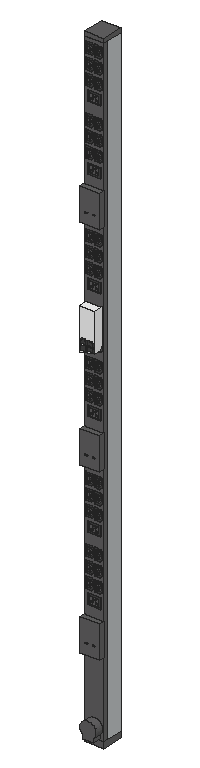
Revit family "PDU medido 0U", category Installations électriques, Revit 2020
Family settings
  Conserver l'orientation des annotations = Non
  Cote de connecteur circulaire = Utiliser le diamètre
  Type d'élément = Normal
  Numéro OmniClass = 23.80.00.00
  Titre OmniClass = Electric Power and Lighting
  Basée sur le plan de construction = Non
  Toujours verticalement = Oui
  Couper avec des vides une fois chargée = Non
  Partagée = Non
  Point de calcul de pièce = Non
Parameters (values of type "PDU MN 0U 3P 32A 36xC13+6xC19")
  Tipo de tensión = "AC"  # constant formula
  Tipo de conexión eléctrica = "CEE 32 A"
  Sección de cable MIN_MAX = "6-6"
  Programación = "Appli Web"  # constant formula
  Profundidad (mm) = 91.4 mm
  Profondeur cuve + capot = 57.5 mm
  Prise_alimentation = Alimentation : Prise rotative
  Position base_node = 942.4 mm
  Número de tomas C19 = 6
  Número de tomas C13 = 36
  Número de pieza Legrand = "LG-646117"
  Número de fases = 3
  Número de disyuntores = 6
  Numero RAL = "9017"  # constant formula
  Marcaje = no
  Longitud = 1710 mm
  IP = "IP40"
  Función = "Unidad DE DISTRIBUTION D'ENERGIE"  # constant formula
  Frecuencia eléctrica = "50-50"  # constant formula
  Formulación BIM = "Linkeo DATA CENTER BASIC PDU"  # constant formula
  Fabricant = "LEGRAND"  # constant formula
  Elévation par défaut = 0 mm
  EAN = "3414972245791"
  E-catalogo enlace = "https://www.legrand.fr/reference/646117/pro"
  Dirección de montaje = "Vertical"  # constant formula
  Description = "PDU HD metered node 0U 3 phase 32A 36+6 C13/C19 locking outlets IEC 60309"
  Corriente de alimentación = "32-32"
  Consumo pasivo = 0 mA
  Conectable con internet box = yes
  Color = "Negro"  # constant formula
  Clase de aplicación = "EC002762"  # constant formula
  Base_Node = Base_Node : Node HD
  Anchura (mm) = 52 mm
  646116_646117 = yes
  646114_646115 = no
  646112_646113 = no
  646110_646111 = no
  646108_646109 = no
  646106_646107 = no
  646104_646105 = no
  646102_646103 = no
Reference planes
  plane 1 "Centre (avant/arrière)": y = 0
  plane 2: z = 0
  plane 3 "Centre (gauche/droite)": x = 0
  plane 4: x = -26
  plane 5: x = 26
  plane 6: y = -57.5
  plane 7: z = 1710
  plane 8: y = -47.5
  plane 9: z = 1699
  plane 10: z = 15
  plane 11: z = 942.4
Forms (mm)
  Extrusion 1, solid, material "LEGRAND - Noir 9017"
    sketch origin (0, 0, 0) x (1, 0, 0) y (0, 1, 0)
      loop
        line (-26, 0) -> (-26, -57.5) -> (26, -57.5) -> (26, 0) -> (-26, 0)
    from 0 to 15
  Extrusion 2, solid, material "LEGRAND - Inox"
    sketch origin (0, 0, 0) x (1, 0, 0) y (0, 1, 0)
      loop
        line (-26, 0) -> (-26, -47.5) -> (26, -47.5) -> (26, 0) -> (-26, 0)
    from 15 to 1699
  Extrusion 3, solid, material "LEGRAND - Noir 9017"
    sketch origin (0, 0, 0) x (1, 0, 0) y (0, 1, 0)
      loop
        line (-26, -47.5) -> (-26, -57.5) -> (26, -57.5) -> (26, -47.5) -> (-26, -47.5)
    from 15 to 1699
  Extrusion 4, solid, material "LEGRAND - Noir 9017"
    sketch origin (0, 0, 0) x (1, 0, 0) y (0, 1, 0)
      loop
        line (-26, 0) -> (-26, -57.5) -> (26, -57.5) -> (26, 0) -> (-26, 0)
    from 1699 to 1710
Dimensions and locks
  equal spacing: plane 5, plane 3 "Centre (gauche/droite)", plane 4
  "Anchura (mm)": plane 5 to plane 4
  "Profondeur cuve + capot": plane 6 to plane 1 "Centre (avant/arrière)"
  locked: plane 8 to plane 6 at 10
  locked: plane 7 to plane 9 at 11
  locked: plane 10 to plane 2 at 15
  "Longitud": plane 7 to plane 2
  "Position base_node": plane 11 to plane 2
  aligned and locked: level to plane 2
  aligned and locked: plane 1 "Centre (avant/arrière)" to Extrusion 1 sketch curve
  aligned and locked: Extrusion 1 sketch curve to plane 5
  aligned and locked: plane 4 to Extrusion 1 sketch curve
  aligned and locked: plane 1 "Centre (avant/arrière)" to Extrusion 2 sketch curve
  aligned and locked: Extrusion 2 sketch curve to plane 5
  aligned and locked: plane 8 to Extrusion 2 sketch curve
  aligned and locked: plane 4 to Extrusion 2 sketch curve
  aligned and locked: plane 9 to Extrusion 2
  aligned and locked: plane 4 to Extrusion 3 sketch curve
  aligned and locked: Extrusion 3 sketch curve to plane 5
  aligned and locked: Extrusion 3 sketch curve to plane 8
  aligned and locked: plane 6 to Extrusion 3 sketch curve
  aligned and locked: plane 9 to Extrusion 3
  aligned and locked: plane 6 to Extrusion 1 sketch curve
  aligned and locked: plane 1 "Centre (avant/arrière)" to Extrusion 4 sketch curve
  aligned and locked: Extrusion 4 sketch curve to plane 5
  aligned and locked: plane 6 to Extrusion 4 sketch curve
  aligned and locked: plane 4 to Extrusion 4 sketch curve
  aligned and locked: plane 7 to Extrusion 4
  aligned and locked: Extrusion 4 to plane 9
  aligned and locked: nested 1 to plane 6
  aligned and locked: plane 3 "Centre (gauche/droite)" to nested 1
  aligned and locked: Extrusion 3 to plane 10
  aligned and locked: plane 10 to Extrusion 1
  aligned and locked: Extrusion 1 to plane 2
  aligned and locked: Extrusion 2 to plane 10
  aligned and locked: nested 2 to plane 6
  aligned and locked: plane 3 "Centre (gauche/droite)" to nested 2
  aligned and locked: nested 3 to plane 6
  aligned and locked: plane 3 "Centre (gauche/droite)" to nested 3
  aligned and locked: plane 11 to nested 3
Nested families
  nested 1: "Metered PDU_Prises" at (0, -57.5, 0), type "Metered PDU_Prises", detail levels fine
  nested 2: "Alimentation" at (0, -57.5, 0), type <- "Prise_alimentation", type "Prise rotative"
  nested 3: "Base_Node" at (0, -57.5, 935.753), type <- "Base_Node", type "Node HD"
Connectors
  electrical at (0, -28.75, 0)
    settings: on Extrusion 1, index 1, voltage 0 V, apparent load 0 VA, apparent load phase1 0 VA, apparent load phase2 0 VA, apparent load phase3 0 VA, power factor 1, load classification "Autre", number of poles 1, system type 31, power factor state 1, is connector primary yes, connector utility no, sub classification motor no, connector description ""
Definition of nested family "Metered PDU_Prises"
  Parameters (values of type "Metered PDU_Prises")
    Default Elevation = 0 mm
    646116_646117 = yes
    646114_646115 = no
    646112_646113 = no
    646110_646111 = no
    646108_646109 = no
    646106_646107 = no
    646104_646105 = no
    646102_646103 = no
  Reference planes
    plane 1 "Centre (avant/arrière)": y = 0
    plane 2: z = 0
    plane 3 "Centre (gauche/droite)": x = 0
    plane 4: x = -22.15
    plane 5: x = 22.15
    plane 6: x = 26
    plane 7: x = -26
  Lines and regions (mm)
    model lines, visible <- "646102_646103"
      curve 1: line (-22.15, 0, 999.899) -> (22.139, 0, 999.899)
      curve 2: line (-22.15, 0, 717.851) -> (22.139, 0, 717.851)
      curve 62: line (-22.15, 0, 900.576) -> (22.139, 0, 900.576)
      curve 63: line (-22.15, 0, 801.942) -> (22.139, 0, 801.942)
      curve 64: line (-22.15, 0, 486.781) -> (22.139, 0, 486.781)
      curve 65: line (-22.15, 0, 204.733) -> (22.139, 0, 204.733)
      curve 66: line (-22.15, 0, 586.104) -> (22.139, 0, 586.104)
      curve 67: line (-22.15, 0, 387.458) -> (22.139, 0, 387.458)
      curve 68: line (-22.15, 0, 288.824) -> (22.139, 0, 288.824)
      curve 69: line (-22.15, 0, 70.319) -> (22.139, 0, 70.319)
    model lines, visible <- "646104_646105"
      curve 3: line (-22.148, 0, 1203.535) -> (22.14, 0, 1203.535)
      curve 56: line (-22.148, 0, 223.304) -> (22.14, 0, 223.304)
      curve 57: line (-22.148, 0, 205.177) -> (22.14, 0, 205.177)
      curve 70: line (-22.148, 0, 1104.34) -> (22.14, 0, 1104.34)
      curve 71: line (-22.148, 0, 1038.976) -> (22.14, 0, 1038.976)
      curve 72: line (-22.148, 0, 973.071) -> (22.14, 0, 973.071)
      curve 73: line (-22.15, 0, 889.146) -> (22.139, 0, 889.146)
      curve 74: line (-22.15, 0, 874.109) -> (22.139, 0, 874.109)
      curve 75: line (-22.148, 0, 642.37) -> (22.14, 0, 642.37)
      curve 76: line (-22.148, 0, 543.174) -> (22.14, 0, 543.174)
      curve 77: line (-22.148, 0, 477.811) -> (22.14, 0, 477.811)
      curve 78: line (-22.148, 0, 411.906) -> (22.14, 0, 411.906)
      curve 79: line (-22.15, 0, 327.981) -> (22.139, 0, 327.981)
      curve 80: line (-22.15, 0, 313.525) -> (22.139, 0, 313.525)
      curve 81: line (-22.148, 0, 220.329) -> (22.14, 0, 220.329)
      curve 82: line (-22.148, 0, 70.654) -> (22.14, 0, 70.654)
      curve 115: line (-22.15, 0, 742.609) -> (22.139, 0, 742.609)
    model lines, visible <- "646106_646107"
      curve 4: line (-26, 0, 1326.734) -> (26, 0, 1326.734)
      curve 83: line (-26, 0, 1209.57) -> (26, 0, 1209.57)
      curve 84: line (-26, 0, 1084.307) -> (26, 0, 1084.307)
      curve 85: line (-26, 0, 1084.313) -> (26, 0, 1084.313)
      curve 86: line (-26, 0, 958.245) -> (26, 0, 958.245)
      curve 87: line (-26, 0, 943.24) -> (26, 0, 943.24)
      curve 88: line (-26, 0, 811.875) -> (26, 0, 811.875)
      curve 89: line (-26, 0, 694.133) -> (26, 0, 694.133)
      curve 90: line (-26, 0, 576.969) -> (26, 0, 576.969)
      curve 91: line (-26, 0, 451.706) -> (26, 0, 451.706)
      curve 92: line (-26, 0, 451.712) -> (26, 0, 451.712)
      curve 93: line (-26, 0, 325.644) -> (26, 0, 325.644)
      curve 94: line (-26, 0, 310.377) -> (26, 0, 310.377)
      curve 95: line (-26, 0, 205.008) -> (26, 0, 205.008)
      curve 96: line (-26, 0, 70.533) -> (26, 0, 70.533)
    model lines, visible <- "646108_646109"
      curve 5: line (-26, 0, 1307.778) -> (26, 0, 1307.778)
      curve 6: line (-26, 0, 1190.582) -> (26, 0, 1190.582)
      curve 7: line (-26, 0, 1073.386) -> (26, 0, 1073.386)
      curve 8: line (-26, 0, 948.02) -> (26, 0, 948.02)
      curve 9: line (-26, 0, 684.2) -> (26, 0, 684.2)
      curve 10: line (-26, 0, 567.004) -> (26, 0, 567.004)
      curve 11: line (-26, 0, 449.808) -> (26, 0, 449.808)
      curve 12: line (-26, 0, 324.442) -> (26, 0, 324.442)
      curve 13: line (-26, 0, 801.143) -> (26, 0, 801.143)
      curve 55: line (-26, 0, 309.442) -> (26, 0, 309.442)
      curve 58: line (-26, 0, 203.809) -> (26, 0, 203.809)
      curve 97: line (-26, 0, 69.309) -> (26, 0, 69.309)
      curve 114: line (-26, 0, 933.02) -> (26, 0, 933.02)
    model lines, visible <- "646112_646113"
      curve 14: line (-26, 0, 1635.71) -> (26, 0, 1635.71)
      curve 15: line (-26, 0, 1551.713) -> (26, 0, 1551.713)
      curve 16: line (-26, 0, 1536.716) -> (26, 0, 1536.716)
      curve 17: line (-26, 0, 1458.531) -> (26, 0, 1458.531)
      curve 18: line (-26, 0, 1374.534) -> (26, 0, 1374.534)
      curve 19: line (-26, 0, 1254.195) -> (26, 0, 1254.195)
      curve 20: line (-26, 0, 1176.636) -> (26, 0, 1176.636)
      curve 21: line (-26, 0, 1092.639) -> (26, 0, 1092.639)
      curve 22: line (-26, 0, 946.522) -> (26, 0, 946.522)
      curve 23: line (-26, 0, 868.338) -> (26, 0, 868.338)
      curve 24: line (-26, 0, 784.34) -> (26, 0, 784.34)
      curve 25: line (-26, 0, 1359.537) -> (26, 0, 1359.537)
      curve 26: line (-26, 0, 1077.641) -> (26, 0, 1077.641)
      curve 27: line (-26, 0, 664.358) -> (26, 0, 664.358)
      curve 28: line (-26, 0, 586.174) -> (26, 0, 586.174)
      curve 29: line (-26, 0, 502.177) -> (26, 0, 502.177)
      curve 30: line (-26, 0, 487.179) -> (26, 0, 487.179)
      curve 31: line (-26, 0, 408.995) -> (26, 0, 408.995)
      curve 32: line (-26, 0, 324.998) -> (26, 0, 324.998)
      curve 33: line (-26, 0, 310.001) -> (26, 0, 310.001)
      curve 34: line (-26, 0, 769.343) -> (26, 0, 769.343)
      curve 59: line (-26, 0, 204.368) -> (26, 0, 204.368)
      curve 98: line (-26, 0, 69.868) -> (26, 0, 69.868)
    model lines, visible <- "646116_646117"
      curve 35: line (-26, 0, 1578.322) -> (26, 0, 1578.322)
      curve 36: line (-26, 0, 1536.806) -> (26, 0, 1536.806)
      curve 37: line (-26, 0, 1521.806) -> (26, 0, 1521.806)
      curve 38: line (-26, 0, 1404.215) -> (26, 0, 1404.215)
      curve 39: line (-26, 0, 1362.699) -> (26, 0, 1362.699)
      curve 40: line (-26, 0, 1243.369) -> (26, 0, 1243.369)
      curve 41: line (-26, 0, 1125.778) -> (26, 0, 1125.778)
      curve 42: line (-26, 0, 1084.262) -> (26, 0, 1084.262)
      curve 43: line (-26, 0, 1069.262) -> (26, 0, 1069.262)
      curve 44: line (-26, 0, 937.429) -> (26, 0, 937.429)
      curve 45: line (-26, 0, 819.837) -> (26, 0, 819.837)
      curve 46: line (-26, 0, 778.321) -> (26, 0, 778.321)
      curve 47: line (-26, 0, 658.427) -> (26, 0, 658.427)
      curve 48: line (-26, 0, 540.836) -> (26, 0, 540.836)
      curve 49: line (-26, 0, 499.32) -> (26, 0, 499.32)
      curve 50: line (-26, 0, 484.32) -> (26, 0, 484.32)
      curve 51: line (-26, 0, 366.728) -> (26, 0, 366.728)
      curve 52: line (-26, 0, 325.212) -> (26, 0, 325.212)
      curve 53: line (-26, 0, 310.212) -> (26, 0, 310.212)
      curve 54: line (-26, 0, 205.212) -> (26, 0, 205.212)
      curve 60: line (-26, 0, 763.321) -> (26, 0, 763.321)
      curve 61: line (-26, 0, 1347.699) -> (26, 0, 1347.699)
      curve 99: line (-26, 0, 70.712) -> (26, 0, 70.712)
    model lines, visible <- "646110_646111"
      curve 100: line (-26, 0, 1219.058) -> (26, 0, 1219.058)
      curve 101: line (-26, 0, 1102.104) -> (26, 0, 1102.104)
      curve 102: line (-26, 0, 1018.043) -> (26, 0, 1018.043)
      curve 103: line (-26, 0, 1003.082) -> (26, 0, 1003.082)
      curve 104: line (-26, 0, 871.014) -> (26, 0, 871.014)
      curve 105: line (-26, 0, 754.059) -> (26, 0, 754.059)
      curve 106: line (-26, 0, 637.105) -> (26, 0, 637.105)
      curve 107: line (-26, 0, 553.044) -> (26, 0, 553.044)
      curve 108: line (-26, 0, 538.284) -> (26, 0, 538.284)
      curve 109: line (-26, 0, 421.33) -> (26, 0, 421.33)
      curve 110: line (-26, 0, 304.376) -> (26, 0, 304.376)
      curve 111: line (-26, 0, 220.315) -> (26, 0, 220.315)
      curve 112: line (-26, 0, 205.555) -> (26, 0, 205.555)
      curve 113: line (-26, 0, 71.055) -> (26, 0, 71.055)
    model lines, visible <- "646114_646115"
      curve 116: line (26, 0, 1831.221) -> (-26, 0, 1831.221)
      curve 117: line (26, 0, 1747.283) -> (-26, 0, 1747.283)
      curve 118: line (26, 0, 1732.462) -> (-26, 0, 1732.462)
      curve 119: line (26, 0, 1615.134) -> (-26, 0, 1615.134)
      curve 120: line (26, 0, 1531.195) -> (-26, 0, 1531.195)
      curve 121: line (26, 0, 1516.374) -> (-26, 0, 1516.374)
      curve 122: line (26, 0, 1411.59) -> (-26, 0, 1411.59)
      curve 123: line (26, 0, 1294.262) -> (-26, 0, 1294.262)
      curve 124: line (26, 0, 1210.323) -> (-26, 0, 1210.323)
      curve 125: line (26, 0, 1195.502) -> (-26, 0, 1195.502)
      curve 126: line (26, 0, 1063.607) -> (-26, 0, 1063.607)
      curve 127: line (26, 0, 946.279) -> (-26, 0, 946.279)
      curve 128: line (26, 0, 862.34) -> (-26, 0, 862.34)
      curve 129: line (26, 0, 847.52) -> (-26, 0, 847.52)
      curve 130: line (26, 0, 742.736) -> (-26, 0, 742.736)
      curve 131: line (26, 0, 625.408) -> (-26, 0, 625.408)
      curve 132: line (26, 0, 541.469) -> (-26, 0, 541.469)
      curve 133: line (26, 0, 526.648) -> (-26, 0, 526.648)
      curve 134: line (26, 0, 409.32) -> (-26, 0, 409.32)
      curve 135: line (26, 0, 325.381) -> (-26, 0, 325.381)
      curve 136: line (26, 0, 310.56) -> (-26, 0, 310.56)
      curve 137: line (26, 0, 205.464) -> (-26, 0, 205.464)
      curve 138: line (26, 0, 70.964) -> (-26, 0, 70.964)
  Dimensions and locks
    equal spacing: plane 5, plane 3 "Centre (gauche/droite)", plane 4
    locked: plane 5 to plane 4 at 44.3
    equal spacing: plane 6, plane 3 "Centre (gauche/droite)", plane 7
    plane 7 to plane 6 = 52 mm
    aligned and locked: level to plane 2
  Automatic sketch dimensions
    plane 7 to curve 138 = 0 mm
    plane 7 to curve 137 = 0 mm
    plane 7 to curve 60 = 0 mm
    plane 7 to curve 136 = 0 mm
    plane 7 to curve 135 = 0 mm
    plane 7 to curve 134 = 0 mm
    plane 7 to curve 4 = 0 mm
    plane 7 to curve 133 = 0 mm
    plane 7 to curve 5 = 0 mm
    plane 7 to curve 132 = 0 mm
    plane 7 to curve 6 = 0 mm
    plane 7 to curve 131 = 0 mm
    plane 7 to curve 7 = 0 mm
    plane 7 to curve 130 = 0 mm
    plane 7 to curve 8 = 0 mm
    plane 7 to curve 129 = 0 mm
    plane 7 to curve 9 = 0 mm
    plane 7 to curve 128 = 0 mm
    plane 7 to curve 10 = 0 mm
    plane 7 to curve 127 = 0 mm
    plane 7 to curve 11 = 0 mm
    plane 7 to curve 126 = 0 mm
    plane 7 to curve 12 = 0 mm
    plane 7 to curve 125 = 0 mm
    plane 7 to curve 13 = 0 mm
    plane 7 to curve 124 = 0 mm
    plane 7 to curve 14 = 0 mm
    plane 7 to curve 123 = 0 mm
    plane 7 to curve 15 = 0 mm
    plane 7 to curve 122 = 0 mm
    plane 7 to curve 16 = 0 mm
    plane 7 to curve 121 = 0 mm
    plane 7 to curve 17 = 0 mm
    plane 7 to curve 120 = 0 mm
    plane 7 to curve 18 = 0 mm
    plane 7 to curve 119 = 0 mm
    plane 7 to curve 19 = 0 mm
    plane 7 to curve 118 = 0 mm
    plane 7 to curve 20 = 0 mm
    plane 7 to curve 117 = 0 mm
    plane 7 to curve 21 = 0 mm
    plane 7 to curve 116 = 0 mm
    plane 7 to curve 22 = 0 mm
    plane 7 to curve 59 = 0 mm
    plane 7 to curve 23 = 0 mm
    plane 7 to curve 114 = 0 mm
    plane 7 to curve 24 = 0 mm
    plane 7 to curve 113 = 0 mm
    plane 7 to curve 25 = 0 mm
    plane 7 to curve 112 = 0 mm
    plane 7 to curve 26 = 0 mm
    plane 7 to curve 111 = 0 mm
    plane 7 to curve 27 = 0 mm
    plane 7 to curve 110 = 0 mm
    plane 7 to curve 28 = 0 mm
    plane 7 to curve 109 = 0 mm
    plane 7 to curve 29 = 0 mm
    plane 7 to curve 108 = 0 mm
    plane 7 to curve 30 = 0 mm
    plane 7 to curve 107 = 0 mm
    plane 7 to curve 31 = 0 mm
    plane 7 to curve 106 = 0 mm
    plane 7 to curve 32 = 0 mm
    plane 7 to curve 105 = 0 mm
    plane 7 to curve 33 = 0 mm
    plane 7 to curve 104 = 0 mm
    plane 7 to curve 34 = 0 mm
    plane 7 to curve 103 = 0 mm
    plane 7 to curve 102 = 0 mm
    plane 7 to curve 35 = 0 mm
    plane 7 to curve 101 = 0 mm
    plane 7 to curve 36 = 0 mm
    plane 7 to curve 100 = 0 mm
    plane 7 to curve 37 = 0 mm
    plane 7 to curve 99 = 0 mm
    plane 7 to curve 38 = 0 mm
    plane 7 to curve 98 = 0 mm
    plane 7 to curve 39 = 0 mm
    plane 7 to curve 97 = 0 mm
    plane 7 to curve 40 = 0 mm
    plane 7 to curve 96 = 0 mm
    plane 7 to curve 41 = 0 mm
    plane 7 to curve 95 = 0 mm
    plane 7 to curve 42 = 0 mm
    plane 7 to curve 94 = 0 mm
    plane 7 to curve 43 = 0 mm
    plane 7 to curve 93 = 0 mm
    plane 7 to curve 44 = 0 mm
    plane 7 to curve 92 = 0 mm
    plane 7 to curve 45 = 0 mm
    plane 7 to curve 91 = 0 mm
    plane 7 to curve 46 = 0 mm
    plane 7 to curve 90 = 0 mm
    plane 7 to curve 47 = 0 mm
    plane 7 to curve 89 = 0 mm
    plane 7 to curve 48 = 0 mm
    plane 7 to curve 88 = 0 mm
    plane 7 to curve 49 = 0 mm
    plane 7 to curve 87 = 0 mm
    plane 7 to curve 50 = 0 mm
    plane 7 to curve 86 = 0 mm
    plane 7 to curve 51 = 0 mm
    plane 7 to curve 85 = 0 mm
    plane 7 to curve 52 = 0 mm
    plane 7 to curve 84 = 0 mm
    plane 7 to curve 53 = 0 mm
    plane 7 to curve 83 = 0 mm
    plane 7 to curve 54 = 0 mm
    plane 7 to curve 58 = 0 mm
    plane 7 to curve 55 = 0 mm
    plane 7 to curve 61 = 0 mm
    curve 74 to plane 4 = 0 mm
    curve 73 to plane 4 = 0 mm
    curve 1 to plane 4 = 0 mm
    curve 69 to plane 4 = 0 mm
    curve 80 to plane 4 = 0 mm
    curve 68 to plane 4 = 0 mm
    curve 115 to plane 4 = 0 mm
    curve 67 to plane 4 = 0 mm
    curve 2 to plane 4 = 0 mm
    curve 66 to plane 4 = 0 mm
    curve 79 to plane 4 = 0 mm
    curve 65 to plane 4 = 0 mm
    curve 62 to plane 4 = 0 mm
    curve 64 to plane 4 = 0 mm
    curve 63 to plane 4 = 0 mm
    curve 53 to plane 6 = 0 mm
    curve 83 to plane 6 = 0 mm
    curve 52 to plane 6 = 0 mm
    curve 84 to plane 6 = 0 mm
    curve 51 to plane 6 = 0 mm
    curve 85 to plane 6 = 0 mm
    curve 50 to plane 6 = 0 mm
    curve 86 to plane 6 = 0 mm
    curve 49 to plane 6 = 0 mm
    curve 87 to plane 6 = 0 mm
    curve 48 to plane 6 = 0 mm
    curve 88 to plane 6 = 0 mm
    curve 47 to plane 6 = 0 mm
    curve 89 to plane 6 = 0 mm
    curve 46 to plane 6 = 0 mm
    curve 90 to plane 6 = 0 mm
    curve 45 to plane 6 = 0 mm
    curve 91 to plane 6 = 0 mm
    curve 44 to plane 6 = 0 mm
    curve 92 to plane 6 = 0 mm
    curve 43 to plane 6 = 0 mm
    curve 93 to plane 6 = 0 mm
    curve 42 to plane 6 = 0 mm
    curve 94 to plane 6 = 0 mm
    curve 41 to plane 6 = 0 mm
    curve 95 to plane 6 = 0 mm
    curve 40 to plane 6 = 0 mm
    curve 96 to plane 6 = 0 mm
    curve 39 to plane 6 = 0 mm
    curve 97 to plane 6 = 0 mm
    curve 38 to plane 6 = 0 mm
    curve 98 to plane 6 = 0 mm
    curve 37 to plane 6 = 0 mm
    curve 99 to plane 6 = 0 mm
    curve 36 to plane 6 = 0 mm
    curve 100 to plane 6 = 0 mm
    curve 54 to plane 6 = 0 mm
    curve 101 to plane 6 = 0 mm
    curve 102 to plane 6 = 0 mm
    curve 34 to plane 6 = 0 mm
    curve 103 to plane 6 = 0 mm
    curve 33 to plane 6 = 0 mm
    curve 104 to plane 6 = 0 mm
    curve 32 to plane 6 = 0 mm
    curve 105 to plane 6 = 0 mm
    curve 55 to plane 6 = 0 mm
    curve 106 to plane 6 = 0 mm
    curve 30 to plane 6 = 0 mm
    curve 107 to plane 6 = 0 mm
    curve 29 to plane 6 = 0 mm
    curve 108 to plane 6 = 0 mm
    curve 28 to plane 6 = 0 mm
    curve 109 to plane 6 = 0 mm
    curve 27 to plane 6 = 0 mm
    curve 110 to plane 6 = 0 mm
    curve 26 to plane 6 = 0 mm
    curve 111 to plane 6 = 0 mm
    curve 25 to plane 6 = 0 mm
    curve 112 to plane 6 = 0 mm
    curve 24 to plane 6 = 0 mm
    curve 113 to plane 6 = 0 mm
    curve 23 to plane 6 = 0 mm
    curve 114 to plane 6 = 0 mm
    curve 22 to plane 6 = 0 mm
    curve 58 to plane 6 = 0 mm
    curve 116 to plane 6 = 0 mm
    curve 21 to plane 6 = 0 mm
    curve 117 to plane 6 = 0 mm
    curve 20 to plane 6 = 0 mm
    curve 118 to plane 6 = 0 mm
    curve 19 to plane 6 = 0 mm
    curve 119 to plane 6 = 0 mm
    curve 18 to plane 6 = 0 mm
    curve 120 to plane 6 = 0 mm
    curve 17 to plane 6 = 0 mm
    curve 121 to plane 6 = 0 mm
    curve 16 to plane 6 = 0 mm
    curve 122 to plane 6 = 0 mm
    curve 15 to plane 6 = 0 mm
    curve 123 to plane 6 = 0 mm
    curve 14 to plane 6 = 0 mm
    curve 124 to plane 6 = 0 mm
    curve 13 to plane 6 = 0 mm
    curve 125 to plane 6 = 0 mm
    curve 12 to plane 6 = 0 mm
    curve 126 to plane 6 = 0 mm
    curve 11 to plane 6 = 0 mm
    curve 127 to plane 6 = 0 mm
    curve 10 to plane 6 = 0 mm
    curve 128 to plane 6 = 0 mm
    curve 9 to plane 6 = 0 mm
    curve 129 to plane 6 = 0 mm
    curve 8 to plane 6 = 0 mm
    curve 130 to plane 6 = 0 mm
    curve 7 to plane 6 = 0 mm
    curve 131 to plane 6 = 0 mm
    curve 6 to plane 6 = 0 mm
    curve 132 to plane 6 = 0 mm
    curve 5 to plane 6 = 0 mm
    curve 133 to plane 6 = 0 mm
    curve 4 to plane 6 = 0 mm
    curve 134 to plane 6 = 0 mm
    curve 31 to plane 6 = 0 mm
    curve 135 to plane 6 = 0 mm
    curve 59 to plane 6 = 0 mm
    curve 136 to plane 6 = 0 mm
    curve 60 to plane 6 = 0 mm
    curve 137 to plane 6 = 0 mm
    curve 61 to plane 6 = 0 mm
    curve 138 to plane 6 = 0 mm
    curve 35 to plane 6 = 0 mm
    level to curve 97 = 69.309 mm
    plane 4 to curve 70 = 0.002 mm
    plane 4 to curve 76 = 0.002 mm
    plane 4 to curve 78 = 0.002 mm
    plane 4 to curve 75 = 0.002 mm
    plane 4 to curve 56 = 0.002 mm
    plane 4 to curve 72 = 0.002 mm
    plane 4 to curve 81 = 0.002 mm
    plane 4 to curve 3 = 0.002 mm
    plane 4 to curve 71 = 0.002 mm
    plane 4 to curve 82 = 0.002 mm
    plane 4 to curve 77 = 0.002 mm
    plane 4 to curve 57 = 0.002 mm
    curve 69 to plane 5 = 0.011 mm
    curve 68 to plane 5 = 0.011 mm
    curve 115 to plane 5 = 0.011 mm
    curve 67 to plane 5 = 0.011 mm
    curve 66 to plane 5 = 0.011 mm
    curve 2 to plane 5 = 0.011 mm
    curve 80 to plane 5 = 0.011 mm
    curve 79 to plane 5 = 0.011 mm
    curve 73 to plane 5 = 0.011 mm
    curve 65 to plane 5 = 0.011 mm
    curve 74 to plane 5 = 0.011 mm
    curve 1 to plane 5 = 0.011 mm
    curve 64 to plane 5 = 0.011 mm
    curve 62 to plane 5 = 0.011 mm
    curve 63 to plane 5 = 0.011 mm
    curve 76 to plane 5 = 0.01 mm
    curve 77 to plane 5 = 0.01 mm
    curve 75 to plane 5 = 0.01 mm
    curve 78 to plane 5 = 0.01 mm
    curve 3 to plane 5 = 0.01 mm
    curve 56 to plane 5 = 0.01 mm
    curve 57 to plane 5 = 0.01 mm
    curve 72 to plane 5 = 0.01 mm
    curve 71 to plane 5 = 0.01 mm
    curve 81 to plane 5 = 0.01 mm
    curve 70 to plane 5 = 0.01 mm
    curve 82 to plane 5 = 0.01 mm
    curve 97 to curve 98 = 0.558 mm
    curve 98 to curve 69 = 0.451 mm
    curve 98 to curve 96 = 0.665 mm
    curve 69 to curve 82 = 0.335 mm
    curve 96 to curve 99 = 0.179 mm
    curve 99 to curve 113 = 0.342 mm
    curve 138 to curve 113 = 0.09 mm
    curve 138 to curve 58 = 132.845 mm
    curve 58 to curve 59 = 0.558 mm
    curve 59 to curve 65 = 0.365 mm
    curve 59 to curve 95 = 0.64 mm
    curve 65 to curve 57 = 0.444 mm
    curve 95 to curve 54 = 0.205 mm
    curve 54 to curve 112 = 0.342 mm
    curve 137 to curve 112 = 0.09 mm
    curve 137 to curve 111 = 14.851 mm
    curve 111 to curve 81 = 0.014 mm
    curve 81 to curve 56 = 2.975 mm
    curve 56 to curve 68 = 65.52 mm
    curve 68 to curve 110 = 15.552 mm
    curve 110 to curve 55 = 5.066 mm
    curve 55 to curve 33 = 0.558 mm
    curve 33 to curve 53 = 0.212 mm
    curve 53 to curve 94 = 0.165 mm
    curve 94 to curve 136 = 0.183 mm
    curve 136 to curve 80 = 2.965 mm
    curve 80 to curve 12 = 10.917 mm
    curve 12 to curve 32 = 0.556 mm
    curve 32 to curve 52 = 0.214 mm
    curve 52 to curve 135 = 0.169 mm
    curve 135 to curve 93 = 0.263 mm
    curve 93 to curve 79 = 2.336 mm
    curve 79 to curve 51 = 38.747 mm
    curve 51 to curve 67 = 20.73 mm
    curve 67 to curve 31 = 21.537 mm
    curve 31 to curve 134 = 0.325 mm
    curve 134 to curve 78 = 2.586 mm
    curve 78 to curve 109 = 9.424 mm
    curve 109 to curve 11 = 28.478 mm
    curve 11 to curve 91 = 1.898 mm
    curve 91 to curve 92 = 0.006 mm
    curve 92 to curve 77 = 26.099 mm
    curve 77 to curve 50 = 6.509 mm
    curve 50 to curve 64 = 2.462 mm
    curve 50 to curve 30 = 2.86 mm
    curve 30 to curve 49 = 12.14 mm
    curve 49 to curve 29 = 2.857 mm
    curve 29 to curve 133 = 24.471 mm
    curve 133 to curve 108 = 11.636 mm
    curve 108 to curve 48 = 2.551 mm
    curve 48 to curve 132 = 0.634 mm
    curve 132 to curve 76 = 1.705 mm
    curve 76 to curve 107 = 9.87 mm
    curve 107 to curve 10 = 13.96 mm
    curve 10 to curve 90 = 9.965 mm
    curve 90 to curve 66 = 9.135 mm
    curve 66 to curve 28 = 0.07 mm
    curve 28 to curve 131 = 39.234 mm
    curve 131 to curve 106 = 11.697 mm
    curve 106 to curve 75 = 5.264 mm
    curve 75 to curve 47 = 16.057 mm
    curve 47 to curve 27 = 5.931 mm
    curve 27 to curve 9 = 19.842 mm
    curve 9 to curve 89 = 9.932 mm
    curve 89 to curve 2 = 23.718 mm
    curve 2 to curve 115 = 24.759 mm
    curve 115 to curve 130 = 0.127 mm
    curve 130 to curve 105 = 11.323 mm
    curve 105 to curve 60 = 9.262 mm
    curve 60 to curve 34 = 6.021 mm
    curve 34 to curve 46 = 8.979 mm
    curve 46 to curve 24 = 6.019 mm
    curve 24 to curve 13 = 16.802 mm
    curve 13 to curve 63 = 0.799 mm
    curve 63 to curve 88 = 9.934 mm
    curve 88 to curve 45 = 7.962 mm
    curve 45 to curve 129 = 27.682 mm
    curve 129 to curve 128 = 14.821 mm
    curve 128 to curve 23 = 5.997 mm
    curve 23 to curve 104 = 2.676 mm
    curve 104 to curve 74 = 3.096 mm
    curve 74 to curve 73 = 15.037 mm
    curve 73 to curve 62 = 11.43 mm
    curve 62 to curve 114 = 32.443 mm
    curve 114 to curve 44 = 4.409 mm
    curve 44 to curve 87 = 5.811 mm
    curve 87 to curve 127 = 3.039 mm
    curve 127 to curve 22 = 0.242 mm
    curve 22 to curve 8 = 1.498 mm
    curve 8 to curve 86 = 10.226 mm
    curve 86 to curve 72 = 14.826 mm
    curve 72 to curve 1 = 26.828 mm
    curve 1 to curve 103 = 3.183 mm
    curve 103 to curve 102 = 14.96 mm
    curve 102 to curve 71 = 20.933 mm
    curve 71 to curve 126 = 24.631 mm
    curve 126 to curve 43 = 5.654 mm
    curve 43 to curve 7 = 4.124 mm
    curve 7 to curve 26 = 4.256 mm
    curve 26 to curve 42 = 6.62 mm
    curve 42 to curve 84 = 0.046 mm
    curve 84 to curve 85 = 0.006 mm
    curve 85 to curve 21 = 8.326 mm
    curve 21 to curve 101 = 9.465 mm
    curve 101 to curve 70 = 2.236 mm
    curve 70 to curve 41 = 21.438 mm
    curve 41 to curve 20 = 50.859 mm
    curve 20 to curve 6 = 13.945 mm
    curve 6 to curve 125 = 4.921 mm
    curve 125 to curve 3 = 8.033 mm
    curve 3 to curve 83 = 6.035 mm
    curve 83 to curve 124 = 0.753 mm
    curve 124 to curve 100 = 8.735 mm
    curve 100 to curve 40 = 24.311 mm
    curve 40 to curve 19 = 10.826 mm
    curve 19 to curve 123 = 40.067 mm
    curve 123 to curve 5 = 13.515 mm
    curve 5 to curve 4 = 18.956 mm
    curve 4 to curve 61 = 20.966 mm
    curve 61 to curve 25 = 11.838 mm
    curve 25 to curve 39 = 3.162 mm
    curve 39 to curve 18 = 11.835 mm
    curve 18 to curve 38 = 29.681 mm
    curve 38 to curve 122 = 7.375 mm
    curve 122 to curve 17 = 46.941 mm
    curve 17 to curve 121 = 57.842 mm
    curve 121 to curve 37 = 5.433 mm
    curve 37 to curve 120 = 9.388 mm
    curve 120 to curve 16 = 5.521 mm
    curve 16 to curve 36 = 0.091 mm
    curve 36 to curve 15 = 14.906 mm
    curve 15 to curve 35 = 26.61 mm
    curve 35 to curve 119 = 36.811 mm
    curve 119 to curve 14 = 20.577 mm
    curve 14 to curve 118 = 96.751 mm
    curve 118 to curve 117 = 14.821 mm
    curve 117 to curve 116 = 83.939 mm
  Nested families
    nested 1: "Prise ronde simple" at (0, 0, 1079.253), visible <- "646102_646103", type "Prise ronde simple"
    nested 2: "Prise ronde double" at (0, 0, 1401.599), visible <- "646108_646109", type "Prise ronde double"
    nested 3: "Prise ronde double" at (0, 0, 1313.013), visible <- "646110_646111", type "Prise ronde double"
    nested 4: "Prise ronde simple" at (0, 0, 1046.926), visible <- "646102_646103", type "Prise ronde simple"
    nested 5: "Prise ronde simple" at (0.002, 0, 1283.288), visible <- "646104_646105", type "Prise ronde simple"
    nested 6: "Prise ronde simple" at (0.002, 0, 1250.336), visible <- "646104_646105", type "Prise ronde simple"
    nested 7: "Prise ronde simple" at (0.002, 0, 1217.383), visible <- "646104_646105", type "Prise ronde simple"
    nested 8: "Prise ronde double" at (0, 0, 1421.655), visible <- "646106_646107", type "Prise ronde double"
    nested 9: "Prise ronde double" at (0, 0, 1382.708), visible <- "646106_646107", type "Prise ronde double"
    nested 10: "Prise ronde double" at (0, 0, 1343.761), visible <- "646106_646107", type "Prise ronde double"
    nested 11: "Prise ronde double" at (0, 0, 1363.419), visible <- "646108_646109", type "Prise ronde double"
    nested 12: "Prise ronde double" at (0, 0, 1325.188), visible <- "646108_646109", type "Prise ronde double"
    nested 13: "Prise ronde double" at (0, 0, 1284.403), visible <- "646108_646109", type "Prise ronde double"
    nested 14: "Prise ronde double" at (0, 0, 1246.223), visible <- "646108_646109", type "Prise ronde double"
    nested 15: "Prise ronde double" at (0, 0, 1207.992), visible <- "646108_646109", type "Prise ronde double"
    nested 16: "Prise ronde double" at (0, 0, 1167.207), visible <- "646108_646109", type "Prise ronde double"
    nested 17: "Prise ronde double" at (0, 0, 1129.027), visible <- "646108_646109", type "Prise ronde double"
    nested 18: "Prise ronde double" at (0, 0, 1090.796), visible <- "646108_646109", type "Prise ronde double"
    nested 19: "Prise rectangulaire" at (0, 0, 1051.426), visible <- "646108_646109", type "Prise rectangulaire"
    nested 20: "Prise rectangulaire" at (0, 0, 1010.176), visible <- "646108_646109", type "Prise rectangulaire"
    nested 21: "Prise rectangulaire" at (0, 0, 968.926), visible <- "646108_646109", type "Prise rectangulaire"
    nested 22: "Prise ronde double" at (0, 0, 778.021), visible <- "646108_646109", type "Prise ronde double"
    nested 23: "Prise ronde double" at (0, 0, 739.842), visible <- "646108_646109", type "Prise ronde double"
    nested 24: "Prise ronde double" at (0, 0, 701.61), visible <- "646108_646109", type "Prise ronde double"
    nested 25: "Prise ronde double" at (0, 0, 660.825), visible <- "646108_646109", type "Prise ronde double"
    nested 26: "Prise ronde double" at (0, 0, 622.646), visible <- "646108_646109", type "Prise ronde double"
    nested 27: "Prise ronde double" at (0, 0, 584.414), visible <- "646108_646109", type "Prise ronde double"
    nested 28: "Prise ronde double" at (0, 0, 543.629), visible <- "646108_646109", type "Prise ronde double"
    nested 29: "Prise ronde double" at (0, 0, 505.45), visible <- "646108_646109", type "Prise ronde double"
    nested 30: "Prise ronde double" at (0, 0, 467.218), visible <- "646108_646109", type "Prise ronde double"
    nested 31: "Prise rectangulaire" at (0, 0, 427.849), visible <- "646108_646109", type "Prise rectangulaire"
    nested 32: "Prise rectangulaire" at (0, 0, 386.599), visible <- "646108_646109", type "Prise rectangulaire"
    nested 33: "Prise rectangulaire" at (0, 0, 345.349), visible <- "646108_646109", type "Prise rectangulaire"
    nested 34: "Prise ronde double" at (0, 0, 1690.683), visible <- "646112_646113", type "Prise ronde double"
    nested 35: "Prise ronde double" at (0, 0, 1651.746), visible <- "646112_646113", type "Prise ronde double"
    nested 36: "Prise rectangulaire" at (0, 0, 1613.745), visible <- "646112_646113", type "Prise rectangulaire"
    nested 37: "Prise rectangulaire" at (0, 0, 1571.87), visible <- "646112_646113", type "Prise rectangulaire"
    nested 38: "Prise ronde double" at (0, 0, 1513.504), visible <- "646112_646113", type "Prise ronde double"
    nested 39: "Prise ronde double" at (0, 0, 1474.567), visible <- "646112_646113", type "Prise ronde double"
    nested 40: "Prise rectangulaire" at (0, 0, 1436.567), visible <- "646112_646113", type "Prise rectangulaire"
    nested 41: "Prise rectangulaire" at (0, 0, 1394.692), visible <- "646112_646113", type "Prise rectangulaire"
    nested 42: "Prise ronde double" at (0, 0, 1231.609), visible <- "646112_646113", type "Prise ronde double"
    nested 43: "Prise ronde double" at (0, 0, 1192.672), visible <- "646112_646113", type "Prise ronde double"
    nested 44: "Prise rectangulaire" at (0, 0, 1154.671), visible <- "646112_646113", type "Prise rectangulaire"
    nested 45: "Prise rectangulaire" at (0, 0, 1112.796), visible <- "646112_646113", type "Prise rectangulaire"
    nested 46: "Prise ronde double" at (0, 0, 923.31), visible <- "646112_646113", type "Prise ronde double"
    nested 47: "Prise ronde double" at (0, 0, 884.373), visible <- "646112_646113", type "Prise ronde double"
    nested 48: "Prise rectangulaire" at (0, 0, 846.373), visible <- "646112_646113", type "Prise rectangulaire"
    nested 49: "Prise rectangulaire" at (0, 0, 804.498), visible <- "646112_646113", type "Prise rectangulaire"
    nested 50: "Prise ronde double" at (0, 0, 641.147), visible <- "646112_646113", type "Prise ronde double"
    nested 51: "Prise ronde double" at (0, 0, 602.21), visible <- "646112_646113", type "Prise ronde double"
    nested 52: "Prise rectangulaire" at (0, 0, 564.209), visible <- "646112_646113", type "Prise rectangulaire"
    nested 53: "Prise rectangulaire" at (0, 0, 522.334), visible <- "646112_646113", type "Prise rectangulaire"
    nested 54: "Prise ronde double" at (0, 0, 463.968), visible <- "646112_646113", type "Prise ronde double"
    nested 55: "Prise ronde double" at (0, 0, 425.031), visible <- "646112_646113", type "Prise ronde double"
    nested 56: "Prise rectangulaire" at (0, 0, 387.031), visible <- "646112_646113", type "Prise rectangulaire"
    nested 57: "Prise rectangulaire" at (0, 0, 345.156), visible <- "646112_646113", type "Prise rectangulaire"
    nested 58: "Prise ronde double" at (0, 0, 1925.334), visible <- "646114_646115", type "Prise ronde double"
    nested 59: "Prise ronde double" at (0, 0, 1672.989), visible <- "646116_646117", type "Prise ronde double"
    nested 60: "Prise ronde double" at (0, 0, 1634.093), visible <- "646116_646117", type "Prise ronde double"
    nested 61: "Prise ronde double" at (0, 0, 1595.196), visible <- "646116_646117", type "Prise ronde double"
    nested 62: "Prise rectangulaire" at (0, 0, 1557.071), visible <- "646116_646117", type "Prise rectangulaire"
    nested 63: "Prise ronde double" at (0, 0, 1498.881), visible <- "646116_646117", type "Prise ronde double"
    nested 64: "Prise ronde double" at (0, 0, 1459.985), visible <- "646116_646117", type "Prise ronde double"
    nested 65: "Prise ronde double" at (0, 0, 1421.089), visible <- "646116_646117", type "Prise ronde double"
    nested 66: "Prise rectangulaire" at (0, 0, 1382.964), visible <- "646116_646117", type "Prise rectangulaire"
    nested 67: "Prise ronde double" at (0, 0, 1220.444), visible <- "646116_646117", type "Prise ronde double"
    nested 68: "Prise ronde double" at (0, 0, 1181.548), visible <- "646116_646117", type "Prise ronde double"
    nested 69: "Prise ronde double" at (0, 0, 1142.651), visible <- "646116_646117", type "Prise ronde double"
    nested 70: "Prise rectangulaire" at (0, 0, 1104.526), visible <- "646116_646117", type "Prise rectangulaire"
    nested 71: "Prise ronde double" at (0, 0, 914.504), visible <- "646116_646117", type "Prise ronde double"
    nested 72: "Prise ronde double" at (0, 0, 875.607), visible <- "646116_646117", type "Prise ronde double"
    nested 73: "Prise ronde double" at (0, 0, 836.711), visible <- "646116_646117", type "Prise ronde double"
    nested 74: "Prise rectangulaire" at (0, 0, 798.586), visible <- "646116_646117", type "Prise rectangulaire"
    nested 75: "Prise ronde double" at (0, 0, 635.502), visible <- "646116_646117", type "Prise ronde double"
    nested 76: "Prise ronde double" at (0, 0, 596.606), visible <- "646116_646117", type "Prise ronde double"
    nested 77: "Prise ronde double" at (0, 0, 557.709), visible <- "646116_646117", type "Prise ronde double"
    nested 78: "Prise rectangulaire" at (0, 0, 519.584), visible <- "646116_646117", type "Prise rectangulaire"
    nested 79: "Prise ronde double" at (0, 0, 461.395), visible <- "646116_646117", type "Prise ronde double"
    nested 80: "Prise ronde double" at (0, 0, 422.498), visible <- "646116_646117", type "Prise ronde double"
    nested 81: "Prise ronde double" at (0, 0, 383.602), visible <- "646116_646117", type "Prise ronde double"
    nested 82: "Prise rectangulaire" at (0, 0, 345.477), visible <- "646116_646117", type "Prise rectangulaire"
    nested 83: "Module A" at (0, 0, 222.588), visible <- "646104_646105", type "Module A"
    nested 84: "Module C" at (0, 0, 218.364), visible <- "646106_646107", type "Module D"
    nested 85: "Module C" at (0, 0, 218.448), visible <- "646108_646109", type "Module D"
    nested 86: "Module C" at (0, 0, 218.747), visible <- "646112_646113", type "Module D"
    nested 87: "Module C" at (0, 0, 678.089), visible <- "646112_646113", type "Module D"
    nested 88: "Module C" at (0, 0, 1268.283), visible <- "646112_646113", type "Module D"
    nested 89: "Module C" at (0, 0, 1424.905), visible <- "646114_646115", type "Module D"
    nested 90: "Module C" at (0, 0, 218.952), visible <- "646116_646117", type "Module D"
    nested 91: "Module C" at (0, 0, 672.061), visible <- "646116_646117", type "Module D"
    nested 92: "Module C" at (0, 0, 1256.439), visible <- "646116_646117", type "Module D"
    nested 93: "Prise ronde simple" at (0, 0, 1013.348), visible <- "646102_646103", type "Prise ronde simple"
    nested 94: "Prise ronde simple" at (0, 0, 979.93), visible <- "646102_646103", type "Prise ronde simple"
    nested 95: "Prise ronde simple" at (0, 0, 947.603), visible <- "646102_646103", type "Prise ronde simple"
    nested 96: "Prise ronde simple" at (0, 0, 914.025), visible <- "646102_646103", type "Prise ronde simple"
    nested 97: "Prise ronde simple" at (0, 0, 881.296), visible <- "646102_646103", type "Prise ronde simple"
    nested 98: "Prise ronde simple" at (0, 0, 848.968), visible <- "646102_646103", type "Prise ronde simple"
    nested 99: "Prise ronde simple" at (0, 0, 815.39), visible <- "646102_646103", type "Prise ronde simple"
    nested 100: "Prise rectangulaire" at (0, 0, 780.287), visible <- "646102_646103", type "Prise rectangulaire"
    nested 101: "Prise rectangulaire" at (0, 0, 737.787), visible <- "646102_646103", type "Prise rectangulaire"
    nested 102: "Prise ronde simple" at (0, 0, 566.135), visible <- "646102_646103", type "Prise ronde simple"
    nested 103: "Prise ronde simple" at (0, 0, 533.808), visible <- "646102_646103", type "Prise ronde simple"
    nested 104: "Prise ronde simple" at (0, 0, 500.23), visible <- "646102_646103", type "Prise ronde simple"
    nested 105: "Prise ronde simple" at (0, 0, 466.812), visible <- "646102_646103", type "Prise ronde simple"
    nested 106: "Prise ronde simple" at (0, 0, 434.485), visible <- "646102_646103", type "Prise ronde simple"
    nested 107: "Prise ronde simple" at (0, 0, 400.907), visible <- "646102_646103", type "Prise ronde simple"
    nested 108: "Prise ronde simple" at (0, 0, 368.178), visible <- "646102_646103", type "Prise ronde simple"
    nested 109: "Prise ronde simple" at (0, 0, 335.85), visible <- "646102_646103", type "Prise ronde simple"
    nested 110: "Prise ronde simple" at (0, 0, 302.273), visible <- "646102_646103", type "Prise ronde simple"
    nested 111: "Prise rectangulaire" at (0, 0, 267.169), visible <- "646102_646103", type "Prise rectangulaire"
    nested 112: "Prise rectangulaire" at (0, 0, 224.669), visible <- "646102_646103", type "Prise rectangulaire"
    nested 113: "Prise ronde simple" at (0.002, 0, 1184.093), visible <- "646104_646105", type "Prise ronde simple"
    nested 114: "Prise ronde simple" at (0.002, 0, 1151.141), visible <- "646104_646105", type "Prise ronde simple"
    nested 115: "Prise ronde simple" at (0.002, 0, 1118.188), visible <- "646104_646105", type "Prise ronde simple"
    nested 116: "Prise ronde simple" at (0.002, 0, 1085.21), visible <- "646104_646105", type "Prise ronde simple"
    nested 117: "Prise ronde simple" at (0.002, 0, 1052.258), visible <- "646104_646105", type "Prise ronde simple"
    nested 118: "Prise ronde simple" at (0.002, 0, 1019.305), visible <- "646104_646105", type "Prise ronde simple"
    nested 119: "Prise ronde simple" at (0.002, 0, 986.353), visible <- "646104_646105", type "Prise ronde simple"
    nested 120: "Prise rectangulaire" at (0, 0, 951.236), visible <- "646104_646105", type "Prise rectangulaire"
    nested 121: "Prise rectangulaire" at (0, 0, 909.436), visible <- "646104_646105", type "Prise rectangulaire"
    nested 122: "Prise ronde simple" at (0.002, 0, 722.123), visible <- "646104_646105", type "Prise ronde simple"
    nested 123: "Prise ronde simple" at (0.002, 0, 689.171), visible <- "646104_646105", type "Prise ronde simple"
    nested 124: "Prise ronde simple" at (0.002, 0, 656.218), visible <- "646104_646105", type "Prise ronde simple"
    nested 125: "Prise ronde simple" at (0.002, 0, 622.928), visible <- "646104_646105", type "Prise ronde simple"
    nested 126: "Prise ronde simple" at (0.002, 0, 589.975), visible <- "646104_646105", type "Prise ronde simple"
    nested 127: "Prise ronde simple" at (0.002, 0, 557.023), visible <- "646104_646105", type "Prise ronde simple"
    nested 128: "Prise ronde simple" at (0.002, 0, 524.045), visible <- "646104_646105", type "Prise ronde simple"
    nested 129: "Prise ronde simple" at (0.002, 0, 491.092), visible <- "646104_646105", type "Prise ronde simple"
    nested 130: "Prise ronde simple" at (0.002, 0, 458.14), visible <- "646104_646105", type "Prise ronde simple"
    nested 131: "Prise ronde simple" at (0.002, 0, 425.187), visible <- "646104_646105", type "Prise ronde simple"
    nested 132: "Prise rectangulaire" at (0, 0, 390.07), visible <- "646104_646105", type "Prise rectangulaire"
    nested 133: "Prise rectangulaire" at (0, 0, 348.271), visible <- "646104_646105", type "Prise rectangulaire"
    nested 134: "Prise ronde double" at (0, 0, 1304.491), visible <- "646106_646107", type "Prise ronde double"
    nested 135: "Prise ronde double" at (0, 0, 1265.544), visible <- "646106_646107", type "Prise ronde double"
    nested 136: "Prise ronde double" at (0, 0, 1226.597), visible <- "646106_646107", type "Prise ronde double"
    nested 137: "Prise rectangulaire" at (0, 0, 1188.4), visible <- "646106_646107", type "Prise rectangulaire"
    nested 138: "Prise rectangulaire" at (0, 0, 1146.325), visible <- "646106_646107", type "Prise rectangulaire"
    nested 139: "Prise rectangulaire" at (0, 0, 1104.25), visible <- "646106_646107", type "Prise rectangulaire"
    nested 140: "Prise rectangulaire" at (0, 0, 1061.893), visible <- "646106_646107", type "Prise rectangulaire"
    nested 141: "Prise rectangulaire" at (0, 0, 1019.818), visible <- "646106_646107", type "Prise rectangulaire"
    nested 142: "Prise rectangulaire" at (0, 0, 977.743), visible <- "646106_646107", type "Prise rectangulaire"
    nested 143: "Prise ronde double" at (0, 0, 789.054), visible <- "646106_646107", type "Prise ronde double"
    nested 144: "Prise ronde double" at (0, 0, 750.107), visible <- "646106_646107", type "Prise ronde double"
    nested 145: "Prise ronde double" at (0, 0, 711.16), visible <- "646106_646107", type "Prise ronde double"
    nested 146: "Prise ronde double" at (0, 0, 671.89), visible <- "646106_646107", type "Prise ronde double"
    nested 147: "Prise ronde double" at (0, 0, 632.943), visible <- "646106_646107", type "Prise ronde double"
    nested 148: "Prise ronde double" at (0, 0, 593.997), visible <- "646106_646107", type "Prise ronde double"
    nested 149: "Prise rectangulaire" at (0, 0, 555.8), visible <- "646106_646107", type "Prise rectangulaire"
    nested 150: "Prise rectangulaire" at (0, 0, 513.725), visible <- "646106_646107", type "Prise rectangulaire"
    nested 151: "Prise rectangulaire" at (0, 0, 471.649), visible <- "646106_646107", type "Prise rectangulaire"
    nested 152: "Prise rectangulaire" at (0, 0, 429.292), visible <- "646106_646107", type "Prise rectangulaire"
    nested 153: "Prise rectangulaire" at (0, 0, 387.217), visible <- "646106_646107", type "Prise rectangulaire"
    nested 154: "Prise rectangulaire" at (0, 0, 345.142), visible <- "646106_646107", type "Prise rectangulaire"
    nested 155: "Prise ronde double" at (0, 0, 1274.01), visible <- "646110_646111", type "Prise ronde double"
    nested 156: "Prise ronde double" at (0, 0, 1235.006), visible <- "646110_646111", type "Prise ronde double"
    nested 157: "Prise ronde double" at (0, 0, 1196.059), visible <- "646110_646111", type "Prise ronde double"
    nested 158: "Prise ronde double" at (0, 0, 1157.056), visible <- "646110_646111", type "Prise ronde double"
    nested 159: "Prise ronde double" at (0, 0, 1118.052), visible <- "646110_646111", type "Prise ronde double"
    nested 160: "Prise rectangulaire" at (0, 0, 1080.043), visible <- "646110_646111", type "Prise rectangulaire"
    nested 161: "Prise rectangulaire" at (0, 0, 1038.102), visible <- "646110_646111", type "Prise rectangulaire"
    nested 162: "Prise ronde double" at (0, 0, 848.015), visible <- "646110_646111", type "Prise ronde double"
    nested 163: "Prise ronde double" at (0, 0, 809.011), visible <- "646110_646111", type "Prise ronde double"
    nested 164: "Prise ronde double" at (0, 0, 770.008), visible <- "646110_646111", type "Prise ronde double"
    nested 165: "Prise ronde double" at (0, 0, 731.061), visible <- "646110_646111", type "Prise ronde double"
    nested 166: "Prise ronde double" at (0, 0, 692.057), visible <- "646110_646111", type "Prise ronde double"
    nested 167: "Prise ronde double" at (0, 0, 653.054), visible <- "646110_646111", type "Prise ronde double"
    nested 168: "Prise rectangulaire" at (0, 0, 615.044), visible <- "646110_646111", type "Prise rectangulaire"
    nested 169: "Prise rectangulaire" at (0, 0, 573.103), visible <- "646110_646111", type "Prise rectangulaire"
    nested 170: "Prise ronde double" at (0, 0, 515.285), visible <- "646110_646111", type "Prise ronde double"
    nested 171: "Prise ronde double" at (0, 0, 476.282), visible <- "646110_646111", type "Prise ronde double"
    nested 172: "Prise ronde double" at (0, 0, 437.278), visible <- "646110_646111", type "Prise ronde double"
    nested 173: "Prise ronde double" at (0, 0, 398.331), visible <- "646110_646111", type "Prise ronde double"
    nested 174: "Prise ronde double" at (0, 0, 359.328), visible <- "646110_646111", type "Prise ronde double"
    nested 175: "Prise ronde double" at (0, 0, 320.324), visible <- "646110_646111", type "Prise ronde double"
    nested 176: "Prise rectangulaire" at (0, 0, 282.315), visible <- "646110_646111", type "Prise rectangulaire"
    nested 177: "Prise rectangulaire" at (0, 0, 240.374), visible <- "646110_646111", type "Prise rectangulaire"
    nested 178: "Prise ronde double" at (0, 0, 1886.258), visible <- "646114_646115", type "Prise ronde double"
    nested 179: "Prise ronde double" at (0, 0, 1847.182), visible <- "646114_646115", type "Prise ronde double"
    nested 180: "Prise rectangulaire" at (0, 0, 1809.25), visible <- "646114_646115", type "Prise rectangulaire"
    nested 181: "Prise rectangulaire" at (0, 0, 1767.298), visible <- "646114_646115", type "Prise rectangulaire"
    nested 182: "Prise ronde double" at (0, 0, 1709.246), visible <- "646114_646115", type "Prise ronde double"
    nested 183: "Prise ronde double" at (0, 0, 1670.17), visible <- "646114_646115", type "Prise ronde double"
    nested 184: "Prise ronde double" at (0, 0, 1631.094), visible <- "646114_646115", type "Prise ronde double"
    nested 185: "Prise rectangulaire" at (0, 0, 1593.162), visible <- "646114_646115", type "Prise rectangulaire"
    nested 186: "Prise rectangulaire" at (0, 0, 1551.21), visible <- "646114_646115", type "Prise rectangulaire"
    nested 187: "Prise ronde double" at (0, 0, 1388.374), visible <- "646114_646115", type "Prise ronde double"
    nested 188: "Prise ronde double" at (0, 0, 1349.298), visible <- "646114_646115", type "Prise ronde double"
    nested 189: "Prise ronde double" at (0, 0, 1310.222), visible <- "646114_646115", type "Prise ronde double"
    nested 190: "Prise rectangulaire" at (0, 0, 1272.291), visible <- "646114_646115", type "Prise rectangulaire"
    nested 191: "Prise rectangulaire" at (0, 0, 1230.338), visible <- "646114_646115", type "Prise rectangulaire"
    nested 192: "Module C" at (0, 0, 756.05), visible <- "646114_646115", type "Module D"
    nested 193: "Prise ronde double" at (0, 0, 1040.391), visible <- "646114_646115", type "Prise ronde double"
    nested 194: "Prise ronde double" at (0, 0, 1001.315), visible <- "646114_646115", type "Prise ronde double"
    nested 195: "Prise ronde double" at (0, 0, 962.239), visible <- "646114_646115", type "Prise ronde double"
    nested 196: "Prise rectangulaire" at (0, 0, 924.308), visible <- "646114_646115", type "Prise rectangulaire"
    nested 197: "Prise rectangulaire" at (0, 0, 882.356), visible <- "646114_646115", type "Prise rectangulaire"
    nested 198: "Prise ronde double" at (0, 0, 719.52), visible <- "646114_646115", type "Prise ronde double"
    nested 199: "Prise ronde double" at (0, 0, 680.444), visible <- "646114_646115", type "Prise ronde double"
    nested 200: "Prise ronde double" at (0, 0, 641.368), visible <- "646114_646115", type "Prise ronde double"
    nested 201: "Prise rectangulaire" at (0, 0, 603.436), visible <- "646114_646115", type "Prise rectangulaire"
    nested 202: "Prise rectangulaire" at (0, 0, 561.484), visible <- "646114_646115", type "Prise rectangulaire"
    nested 203: "Prise ronde double" at (0, 0, 503.432), visible <- "646114_646115", type "Prise ronde double"
    nested 204: "Prise ronde double" at (0, 0, 464.356), visible <- "646114_646115", type "Prise ronde double"
    nested 205: "Prise ronde double" at (0, 0, 425.28), visible <- "646114_646115", type "Prise ronde double"
    nested 206: "Prise rectangulaire" at (0, 0, 387.348), visible <- "646114_646115", type "Prise rectangulaire"
    nested 207: "Prise rectangulaire" at (0, 0, 345.396), visible <- "646114_646115", type "Prise rectangulaire"
    nested 208: "Module C" at (0, 0, 219.091), visible <- "646114_646115", type "Module D"
  Definition of nested family "Prise ronde simple"
    Parameters (values of type "Prise ronde simple")
      Default Elevation = 0 mm
    Reference planes
      plane 1 "Centre (avant/arrière)": y = 0
      plane 2: z = 0
      plane 3 "Centre (gauche/droite)": x = 0
    Forms (mm)
      Extrusion 1, solid
        sketch origin (0, 0, -932.082) x (1, 0, 0) y (0, 0, 1)
          loop
            line (-14.802, 936.843) -> (-14.802, 921.277) -> (14.802, 921.277) -> (14.802, 936.84) -> (8.758, 942.883) -> (-8.761, 942.883) -> (-14.802, 936.843)
          loop
            line (-11.433, 924.249) -> (11.43, 924.249) -> (11.43, 934.387) -> (5.608, 939.911) -> (-5.611, 939.911) -> (-11.433, 934.387) -> (-11.433, 924.249)
          loop
            line (-5.68, 927.459) -> (-5.68, 932.702) -> (-8.323, 932.702) -> (-8.323, 927.459) -> (-5.68, 927.459)
          loop
            line (-1.323, 936.702) -> (-1.323, 931.459) -> (1.32, 931.459) -> (1.32, 936.702) -> (-1.323, 936.702)
          loop
            line (5.677, 932.702) -> (5.677, 927.459) -> (8.32, 927.459) -> (8.32, 932.702) -> (5.677, 932.702)
        from 0 to 1
    Dimensions and locks
      aligned and locked: level to plane 2
  Definition of nested family "Prise ronde double"
    Parameters (values of type "Prise ronde double")
      Default Elevation = 0 mm
    Reference planes
      plane 1 "Centre (avant/arrière)": y = 0
      plane 2: z = 0
      plane 3 "Centre (gauche/droite)": x = 0
    Forms (mm)
      Extrusion 1, solid
        sketch origin (0, 0, -932.082) x (1, 0, 0) y (0, 0, 1)
          loop
            line (-7.233, 946.882) -> (-22.8, 946.882) -> (-22.8, 917.279) -> (-7.237, 917.279) -> (-1.193, 923.322) -> (-1.193, 940.842) -> (-7.233, 946.882)
          loop
            line (-19.828, 943.513) -> (-19.828, 920.651) -> (-9.69, 920.651) -> (-4.165, 926.473) -> (-4.165, 937.691) -> (-9.69, 943.513) -> (-19.828, 943.513)
          loop
            line (-16.618, 937.76) -> (-11.375, 937.76) -> (-11.375, 940.403) -> (-16.618, 940.403) -> (-16.618, 937.76)
          loop
            line (-7.375, 933.403) -> (-12.618, 933.403) -> (-12.618, 930.76) -> (-7.375, 930.76) -> (-7.375, 933.403)
          loop
            line (-11.375, 926.403) -> (-16.618, 926.403) -> (-16.618, 923.76) -> (-11.375, 923.76) -> (-11.375, 926.403)
          loop
            line (16.76, 946.882) -> (1.194, 946.882) -> (1.194, 917.279) -> (16.757, 917.279) -> (22.8, 923.322) -> (22.8, 940.842) -> (16.76, 946.882)
          loop
            line (4.166, 943.513) -> (4.166, 920.651) -> (14.303, 920.651) -> (19.828, 926.473) -> (19.828, 937.691) -> (14.303, 943.513) -> (4.166, 943.513)
          loop
            line (7.375, 937.76) -> (12.618, 937.76) -> (12.618, 940.403) -> (7.375, 940.403) -> (7.375, 937.76)
          loop
            line (16.618, 933.403) -> (11.375, 933.403) -> (11.375, 930.76) -> (16.618, 930.76) -> (16.618, 933.403)
          loop
            line (12.618, 926.403) -> (7.375, 926.403) -> (7.375, 923.76) -> (12.618, 923.76) -> (12.618, 926.403)
        from 0 to 1
    Dimensions and locks
      aligned and locked: level to plane 2
  Definition of nested family "Prise rectangulaire"
    Parameters (values of type "Prise rectangulaire")
      Default Elevation = 0 mm
    Reference planes
      plane 1 "Centre (avant/arrière)": y = 0
      plane 2: z = 0
      plane 3 "Centre (gauche/droite)": x = 0
    Forms (mm)
      Extrusion 1, solid
        sketch origin (0, 0, -815.082) x (1, 0, 0) y (0, 0, 1)
          loop
            line (17.311, 828.382) -> (-17.289, 828.382) -> (-17.289, 801.782) -> (17.311, 801.782) -> (17.311, 828.382)
          loop
            line (-13.932, 825.425) -> (-13.932, 804.739) -> (13.954, 804.739) -> (13.954, 825.425) -> (-13.932, 825.425)
          loop
            line (3.636, 820.407) -> (-3.614, 820.407) -> (-3.614, 817.757) -> (3.636, 817.757) -> (3.636, 820.407)
          loop
            line (9.636, 812.407) -> (3.386, 812.407) -> (3.386, 809.757) -> (9.636, 809.757) -> (9.636, 812.407)
          loop
            line (-3.364, 812.407) -> (-9.614, 812.407) -> (-9.614, 809.757) -> (-3.364, 809.757) -> (-3.364, 812.407)
        from 0 to 1
    Dimensions and locks
      aligned and locked: level to plane 2
  Definition of nested family "Module A"
    Parameters (values of type "Module A")
      Largeur = 44.3 mm
      Default Elevation = 0 mm
    Reference planes
      plane 1 "Centre (avant/arrière)": y = 0
      plane 2: z = 0
      plane 3 "Centre (gauche/droite)": x = 0
      plane 4: x = -22.15
      plane 5: x = 22.15
    Forms (mm)
      Extrusion 1, solid
        sketch origin (0, 0, -3.309) x (0, 1, 0) y (0, 0, 1)
          loop
            line (-15.1, 90.248) -> (-15.1, 3.572) -> (0, 3.309) -> (0, 90.512) -> (-15.1, 90.248)
        from -22.15 to 22.15
      Extrusion 2, solid
        sketch origin (0, -15.1, 85.948) x (0, 0, -1) y (1, 0, 0)
          loop
            line (56.318, -12.403) -> (58.095, -12.403) -> (58.095, -7.069) -> (56.318, -7.069) -> (56.318, -12.403)
          loop
            line (56.318, 6.778) -> (58.095, 6.778) -> (58.095, 12.112) -> (56.318, 12.112) -> (56.318, 6.778)
        from -0.7 to 0.3
    Lines and regions (mm)
      model lines
        curve 1: line (-19.081, -15.1, 54.532) -> (18.901, -15.1, 54.532)
        curve 2: line (-19.081, -15.1, 23.069) -> (-19.081, -15.1, 54.532)
        curve 3: line (18.901, -15.1, 23.069) -> (-19.081, -15.1, 23.069)
        curve 4: line (18.901, -15.1, 54.532) -> (18.901, -15.1, 23.069)
        curve 5: line (0, -15.1, 54.532) -> (0, -15.1, 23.069)
        curve 6: line (-17.504, -15.1, 52.965) -> (-17.504, -15.1, 39.123)
        curve 7: line (-1.863, -15.1, 39.123) -> (-17.504, -15.1, 39.123)
        curve 8: line (1.672, -15.1, 52.965) -> (1.672, -15.1, 39.123)
        curve 9: line (17.324, -15.1, 39.123) -> (1.672, -15.1, 39.123)
        curve 10: line (-12.403, -15.1, 29.63) -> (-7.069, -15.1, 29.63)
        curve 11: line (-12.403, -15.1, 27.852) -> (-12.403, -15.1, 29.63)
        curve 12: line (-7.069, -15.1, 27.852) -> (-12.403, -15.1, 27.852)
        curve 13: line (-7.069, -15.1, 29.63) -> (-7.069, -15.1, 27.852)
        curve 14: line (6.778, -15.1, 29.63) -> (12.112, -15.1, 29.63)
        curve 15: line (6.778, -15.1, 27.852) -> (6.778, -15.1, 29.63)
        curve 16: line (12.112, -15.1, 27.852) -> (6.778, -15.1, 27.852)
        curve 17: line (12.112, -15.1, 29.63) -> (12.112, -15.1, 27.852)
    Dimensions and locks
      plane 5 to plane 3 "Centre (gauche/droite)" to plane 4 = 22.15 mm, 22.15 mm
      "Largeur": plane 5 to plane 4
      aligned and locked: level to plane 2
      aligned and locked: Extrusion 1 to plane 4
      aligned and locked: plane 5 to Extrusion 1
    Automatic sketch dimensions
      Extrusion 1 sketch curve to plane 1 "Centre (avant/arrière)" = 0 mm
      level to Extrusion 1 sketch curve = 0 mm
      plane 1 "Centre (avant/arrière)" to Extrusion 1 sketch curve = 15.1 mm
      level to Extrusion 1 sketch curve = 0.264 mm
